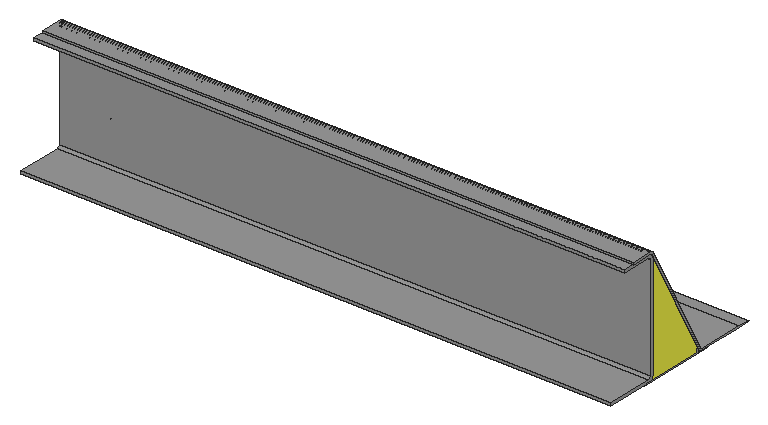
Revit family "XCFS K 130 WOL", category Generic Models, Revit 2014
Parameters (values of type "Max lintel length 3600mm")
  URL = "http://www.keystonelintels.co.uk"
  Structural Opening [instance] = 900 mm
  Structural Performance = "The Keystone lintel range has safe working loads as detailed in each applicable loading table in the Keystone Lintel Guide brochure. The structural performance figures within each table have been ascertained by testing in accordance with the requirements of standards BS EN 5977-2: 1983 and BS EN 845-2: 2003."
  RIBA Productor Selector = "available for Keystone Lintels Ltd from Keystone Lintels Ltd from ribaproductselector.com"
  Model = "XCFS/K 130 WOL"
  Min Length = 600 mm
  Min Clear Span = 300 mm
  Max Length = 3600 mm
  Max Clear Span = 3600 mm
  Material - Stainless Steel = "Grade 304 2b 1.4307 to BS EN 10088-2. Other grades available on request: contact manufacturer."
  Material - Galvanised Steel = "To BS EN 10346: 2009. DX51D plus Z600 or grade Z275 to BS 5977-2: 1983 (BS EN 845-2: 2003)."
  Manufacturer = "Keystone"
  Manufactured Length [instance] = (roundup(Effective Length / 150 mm) * 150 mm)  # 1200 mm
  Lintel height [instance] = 2100 mm
  Keynote = "F30/755"
  Fire Performance = "Keystone lintels have been subjected to a fire test (WARRES No. 101263) in accordance with BS 476-20: 1987, at Exova Warrington Fire and achieved a one hour fire performance."
  End Bearing = 150 mm
  Effective Length [instance] = Clear Opening with MIN MAX set + End Bearing * 2  # 1200 mm
  Corrosion = "Keystone’s standard range of lintels are manufactured from high quality grade pre-galvanized carbon steel with a zinc coating of 600"
  Contact Tel = "+44 (0)28 8676 2184"
  Contact Email = "info@keystonelintels.co.uk"
  Clear Opening with MIN MAX set [instance] = if(Structural Opening < Min Clear Span, Min Clear Span, (if(Structural Opening > Max Clear Span, Max Clear Span, Structural Opening)))  # 900 mm
  CPD Information = "Available for Keystone Lintels Ltd from ribacpd.com"
Reference planes
  plane 1 "Center (Front/Back)": y = 0
  plane 2: z = 0
  plane 3 "Center (Left/Right)": x = 0
  plane 4: x = -600
  plane 5: x = 600
  plane 6: z = 2100
  plane 7: x = -450
  plane 8: x = 450
Forms (mm)
  Extrusion 1, solid, material "Steel"
    sketch origin (0, 728.179, -493.091) x (0, 1, 0) y (0, 0, 1)
      loop
        line (-543.078, 2592.24) -> (-542.968, 2595.438) -> (-567.968, 2596.291) -> (-661.361, 2596.291)
        arc (-661.361, 2596.291) -> (-664.053, 2597.042) -> (-665.967, 2599.077) r 5.2
        line (-665.967, 2599.077) -> (-784.723, 2825.605)
        arc (-784.723, 2825.605) -> (-786.637, 2827.641) -> (-789.328, 2828.391) r 5.2
        line (-789.328, 2828.391) -> (-834.391, 2828.391) -> (-834.391, 2825.191) -> (-789.328, 2825.191)
        arc (-789.328, 2825.191) -> (-788.293, 2824.902) -> (-787.557, 2824.12) r 2
        line (-787.557, 2824.12) -> (-668.801, 2597.591)
        arc (-668.801, 2597.591) -> (-665.709, 2594.304) -> (-661.361, 2593.091) r 8.4
        line (-661.361, 2593.091) -> (-568.023, 2593.091) -> (-543.078, 2592.24)
    from -600 to 600
  Extrusion 2, solid, material "Steel"
    sketch origin (0, 728.179, -493.091) x (0, 1, 0) y (0, 0, 1)
      loop
        arc (-796.004, 2593.091) -> (-788.933, 2596.02) -> (-786.004, 2603.091) r 10
        line (-786.004, 2603.091) -> (-786.004, 2815.191)
        arc (-786.004, 2815.191) -> (-788.933, 2822.262) -> (-796.004, 2825.191) r 10
        line (-796.004, 2825.191) -> (-856.004, 2825.191) -> (-856.004, 2820.191) -> (-796.004, 2820.191)
        arc (-796.004, 2820.191) -> (-792.468, 2818.727) -> (-791.004, 2815.191) r 5
        line (-791.004, 2815.191) -> (-791.004, 2603.091)
        arc (-791.004, 2603.091) -> (-792.468, 2599.556) -> (-796.004, 2598.091) r 5
        line (-796.004, 2598.091) -> (-891.004, 2598.091) -> (-891.004, 2593.091) -> (-796.004, 2593.091)
    from -600 to 600
  Extrusion 3, solid, material "Steel"
    sketch origin (0, 728.179, -493.091) x (0, 1, 0) y (0, 0, 1)
      loop
        line (-649.444, 2592.091) -> (-649.444, 2593.091) -> (-671.444, 2593.091) -> (-671.444, 2601.091) -> (-672.444, 2601.091) -> (-672.444, 2593.091) -> (-804.475, 2593.091) -> (-804.475, 2592.091) -> (-649.444, 2592.091)
    from -600 to 600
  Extrusion 4, solid, material "Insulation"
    sketch origin (0, 728.179, -493.091) x (0, 1, 0) y (0, 0, 1)
      loop
        line (-671.444, 2593.091) -> (-661.361, 2593.091)
        arc (-661.361, 2593.091) -> (-665.709, 2594.304) -> (-668.801, 2597.591) r 8.4
        line (-668.801, 2597.591) -> (-787.557, 2824.12)
        arc (-787.557, 2824.12) -> (-788.293, 2824.902) -> (-789.328, 2825.191) r 2
        line (-789.328, 2825.191) -> (-796.004, 2825.191)
        arc (-796.004, 2825.191) -> (-788.933, 2822.262) -> (-786.004, 2815.191) r 10
        line (-786.004, 2815.191) -> (-786.004, 2603.091)
        arc (-786.004, 2603.091) -> (-788.933, 2596.02) -> (-796.004, 2593.091) r 10
        line (-796.004, 2593.091) -> (-672.444, 2593.091) -> (-672.444, 2601.091) -> (-671.444, 2601.091) -> (-671.444, 2593.091)
    from -600 to 600
  Extrusion 5, solid, not visible
    sketch origin (0, 1014.545, 1258.688) x (0, 1, 0) y (0, 0, 1)
      loop
        line (-543.078, 992.24) -> (-542.968, 995.438) -> (-567.968, 996.291) -> (-661.361, 996.291)
        arc (-661.361, 996.291) -> (-664.053, 997.042) -> (-665.967, 999.077) r 5.2
        line (-665.967, 999.077) -> (-784.723, 1225.605)
        arc (-784.723, 1225.605) -> (-786.637, 1227.641) -> (-789.328, 1228.391) r 5.2
        line (-789.328, 1228.391) -> (-834.391, 1228.391) -> (-834.391, 1225.191) -> (-789.328, 1225.191)
        arc (-789.328, 1225.191) -> (-788.293, 1224.902) -> (-787.557, 1224.12) r 2
        line (-787.557, 1224.12) -> (-668.801, 997.591)
        arc (-668.801, 997.591) -> (-665.709, 994.304) -> (-661.361, 993.091) r 8.4
        line (-661.361, 993.091) -> (-568.023, 993.091) -> (-543.078, 992.24)
    from 0 to 250
  Extrusion 6, solid, not visible
    sketch origin (0, 661.81, 1257.768) x (0, 1, 0) y (0, 0, 1)
      loop
        arc (-796.004, 993.091) -> (-788.933, 996.02) -> (-786.004, 1003.091) r 10
        line (-786.004, 1003.091) -> (-786.004, 1215.191)
        arc (-786.004, 1215.191) -> (-788.933, 1222.262) -> (-796.004, 1225.191) r 10
        line (-796.004, 1225.191) -> (-856.004, 1225.191) -> (-856.004, 1220.191) -> (-796.004, 1220.191)
        arc (-796.004, 1220.191) -> (-792.468, 1218.727) -> (-791.004, 1215.191) r 5
        line (-791.004, 1215.191) -> (-791.004, 1003.091)
        arc (-791.004, 1003.091) -> (-792.468, 999.556) -> (-796.004, 998.091) r 5
        line (-796.004, 998.091) -> (-891.004, 998.091) -> (-891.004, 993.091) -> (-796.004, 993.091)
    from 0 to 250
  Extrusion 7, solid, not visible
    sketch origin (0, 966.899, 997.986) x (0, 1, 0) y (0, 0, 1)
      loop
        line (-649.444, 992.091) -> (-649.444, 993.091) -> (-671.444, 993.091) -> (-671.444, 1001.091) -> (-672.444, 1001.091) -> (-672.444, 993.091) -> (-804.475, 993.091) -> (-804.475, 992.091) -> (-649.444, 992.091)
    from 0 to 250
  Extrusion 8, solid, not visible
    sketch origin (0, 522.39, 821.587) x (0, 1, 0) y (0, 0, 1)
      loop
        line (-671.444, 993.091) -> (-661.361, 993.091)
        arc (-661.361, 993.091) -> (-665.709, 994.304) -> (-668.801, 997.591) r 8.4
        line (-668.801, 997.591) -> (-787.557, 1224.12)
        arc (-787.557, 1224.12) -> (-788.293, 1224.902) -> (-789.328, 1225.191) r 2
        line (-789.328, 1225.191) -> (-796.004, 1225.191)
        arc (-796.004, 1225.191) -> (-788.933, 1222.262) -> (-786.004, 1215.191) r 10
        line (-786.004, 1215.191) -> (-786.004, 1003.091)
        arc (-786.004, 1003.091) -> (-788.933, 996.02) -> (-796.004, 993.091) r 10
        line (-796.004, 993.091) -> (-672.444, 993.091) -> (-672.444, 1001.091) -> (-671.444, 1001.091) -> (-671.444, 993.091)
    from 0 to 250
Dimensions and locks
  equal spacing: plane 4, plane 3 "Center (Left/Right)", plane 5
  "Manufactured Length": plane 4 to plane 5
  "Lintel height": plane 6 to level
  "Structural Opening": plane 7 to plane 8
  equal spacing: plane 7, plane 3 "Center (Left/Right)", plane 8
  aligned and locked: level to plane 2
  aligned and locked: Extrusion 1 to plane 6
  aligned and locked: Extrusion 4 to plane 6
  aligned and locked: Extrusion 2 to plane 6
  aligned and locked: plane 6 to Extrusion 3
  aligned and locked: plane 5 to Extrusion 1
  aligned and locked: Extrusion 1 to plane 4
  aligned and locked: plane 5 to Extrusion 4
  aligned and locked: Extrusion 4 to plane 4
  aligned and locked: plane 5 to Extrusion 3
  aligned and locked: Extrusion 3 to plane 4
  aligned and locked: plane 5 to Extrusion 2
  aligned and locked: Extrusion 2 to plane 4
Automatic sketch dimensions
  Extrusion 1 sketch curve to Extrusion 1 sketch curve = 93.338 mm
  Extrusion 1 sketch curve to Extrusion 1 sketch curve = 24.945 mm
  Extrusion 1 sketch curve to Extrusion 1 sketch curve = 0.851 mm
  Extrusion 1 sketch curve to Extrusion 1 sketch curve = 0.109 mm
  Extrusion 1 sketch curve to Extrusion 1 sketch curve = 0.055 mm
  Extrusion 1 sketch curve to Extrusion 1 sketch curve = 5.2 mm
  Extrusion 1 sketch curve to Extrusion 1 sketch curve = 7.44 mm
  Extrusion 1 sketch curve to Extrusion 1 sketch curve = 118.756 mm
  Extrusion 1 sketch curve to Extrusion 1 sketch curve = 226.529 mm
  Extrusion 1 sketch curve to Extrusion 1 sketch curve = 0 mm  (x8)
  Extrusion 1 sketch curve to Extrusion 1 sketch curve = 2.834 mm  (x2)
  Extrusion 1 sketch curve to Extrusion 1 sketch curve = 1.486 mm
  Extrusion 1 sketch curve to Extrusion 1 sketch curve = 1.771 mm
  Extrusion 1 sketch curve to Extrusion 1 sketch curve = 0.929 mm
  Extrusion 1 sketch curve to Extrusion 1 sketch curve = 45.062 mm
  Extrusion 2 sketch curve to Extrusion 2 sketch curve = 95 mm
  Extrusion 2 sketch curve to Extrusion 2 sketch curve = 5 mm  (x3)
  Extrusion 2 sketch curve to Extrusion 2 sketch curve = 212.1 mm
  Extrusion 2 sketch curve to Extrusion 2 sketch curve = 0 mm  (x8)
  Extrusion 2 sketch curve to Extrusion 2 sketch curve = 60 mm
  Extrusion 3 sketch curve to Extrusion 3 sketch curve = 1 mm  (x2)
  Extrusion 3 sketch curve to Extrusion 3 sketch curve = 22 mm
  Extrusion 3 sketch curve to Extrusion 3 sketch curve = 0 mm
  Extrusion 3 sketch curve to Extrusion 3 sketch curve = 8 mm
  Extrusion 3 sketch curve to Extrusion 3 sketch curve = 132.031 mm
  Extrusion 4 sketch curve to Extrusion 4 sketch curve = 7.44 mm
  Extrusion 4 sketch curve to Extrusion 4 sketch curve = 2.643 mm
  Extrusion 4 sketch curve to Extrusion 4 sketch curve = 0 mm  (x4)
  Extrusion 4 sketch curve to Extrusion 4 sketch curve = 3.9 mm
  Extrusion 4 sketch curve to Extrusion 4 sketch curve = 118.756 mm
  Extrusion 4 sketch curve to Extrusion 4 sketch curve = 226.529 mm
  Extrusion 4 sketch curve to Extrusion 4 sketch curve = 3.5 mm
  Extrusion 4 sketch curve to Extrusion 4 sketch curve = 1 mm
  Extrusion 4 sketch curve to Extrusion 4 sketch curve = 123.56 mm
  Extrusion 4 sketch curve to Extrusion 4 sketch curve = 10 mm  (x3)
  Extrusion 4 sketch curve to Extrusion 4 sketch curve = 8.929 mm
  Extrusion 4 sketch curve to Extrusion 4 sketch curve = 1.771 mm
  Extrusion 4 sketch curve to Extrusion 4 sketch curve = 0.929 mm
  Extrusion 4 sketch curve to Extrusion 4 sketch curve = 4.5 mm
  Extrusion 5 sketch curve to Extrusion 5 sketch curve = 93.338 mm
  Extrusion 5 sketch curve to Extrusion 5 sketch curve = 24.945 mm
  Extrusion 5 sketch curve to Extrusion 5 sketch curve = 0.851 mm
  Extrusion 5 sketch curve to Extrusion 5 sketch curve = 0.109 mm
  Extrusion 5 sketch curve to Extrusion 5 sketch curve = 0.055 mm
  Extrusion 5 sketch curve to Extrusion 5 sketch curve = 5.2 mm
  Extrusion 5 sketch curve to Extrusion 5 sketch curve = 7.44 mm
  Extrusion 5 sketch curve to Extrusion 5 sketch curve = 118.756 mm
  Extrusion 5 sketch curve to Extrusion 5 sketch curve = 226.529 mm
  Extrusion 5 sketch curve to Extrusion 5 sketch curve = 0 mm  (x8)
  Extrusion 5 sketch curve to Extrusion 5 sketch curve = 2.834 mm  (x2)
  Extrusion 5 sketch curve to Extrusion 5 sketch curve = 1.486 mm
  Extrusion 5 sketch curve to Extrusion 5 sketch curve = 1.771 mm
  Extrusion 5 sketch curve to Extrusion 5 sketch curve = 0.929 mm
  Extrusion 5 sketch curve to Extrusion 5 sketch curve = 45.062 mm
  Extrusion 6 sketch curve to Extrusion 6 sketch curve = 95 mm
  Extrusion 6 sketch curve to Extrusion 6 sketch curve = 5 mm  (x3)
  Extrusion 6 sketch curve to Extrusion 6 sketch curve = 0 mm  (x8)
  Extrusion 6 sketch curve to Extrusion 6 sketch curve = 212.1 mm
  Extrusion 6 sketch curve to Extrusion 6 sketch curve = 60 mm
  Extrusion 7 sketch curve to Extrusion 7 sketch curve = 1 mm  (x2)
  Extrusion 7 sketch curve to Extrusion 7 sketch curve = 22 mm
  Extrusion 7 sketch curve to Extrusion 7 sketch curve = 0 mm
  Extrusion 7 sketch curve to Extrusion 7 sketch curve = 8 mm
  Extrusion 7 sketch curve to Extrusion 7 sketch curve = 132.031 mm
  Extrusion 8 sketch curve to Extrusion 8 sketch curve = 7.44 mm
  Extrusion 8 sketch curve to Extrusion 8 sketch curve = 2.643 mm
  Extrusion 8 sketch curve to Extrusion 8 sketch curve = 0 mm  (x4)
  Extrusion 8 sketch curve to Extrusion 8 sketch curve = 3.9 mm
  Extrusion 8 sketch curve to Extrusion 8 sketch curve = 118.756 mm
  Extrusion 8 sketch curve to Extrusion 8 sketch curve = 226.529 mm
  Extrusion 8 sketch curve to Extrusion 8 sketch curve = 3.5 mm
  Extrusion 8 sketch curve to Extrusion 8 sketch curve = 1 mm
  Extrusion 8 sketch curve to Extrusion 8 sketch curve = 123.56 mm
  Extrusion 8 sketch curve to Extrusion 8 sketch curve = 10 mm  (x3)
  Extrusion 8 sketch curve to Extrusion 8 sketch curve = 8.929 mm
  Extrusion 8 sketch curve to Extrusion 8 sketch curve = 1.771 mm
  Extrusion 8 sketch curve to Extrusion 8 sketch curve = 0.929 mm
  Extrusion 8 sketch curve to Extrusion 8 sketch curve = 4.5 mm
  Extrusion 2 sketch curve to plane 6 = 0 mm
  plane 1 "Center (Front/Back)" to Extrusion 2 sketch curve = 162.825 mm
  Extrusion 4 sketch curve to plane 6 = 0 mm
  plane 1 "Center (Front/Back)" to Extrusion 4 sketch curve = 67.825 mm
  Extrusion 3 sketch curve to plane 6 = 0 mm
  plane 1 "Center (Front/Back)" to Extrusion 3 sketch curve = 76.296 mm
  Extrusion 1 sketch curve to plane 6 = 0 mm
  plane 1 "Center (Front/Back)" to Extrusion 1 sketch curve = 106.212 mm
